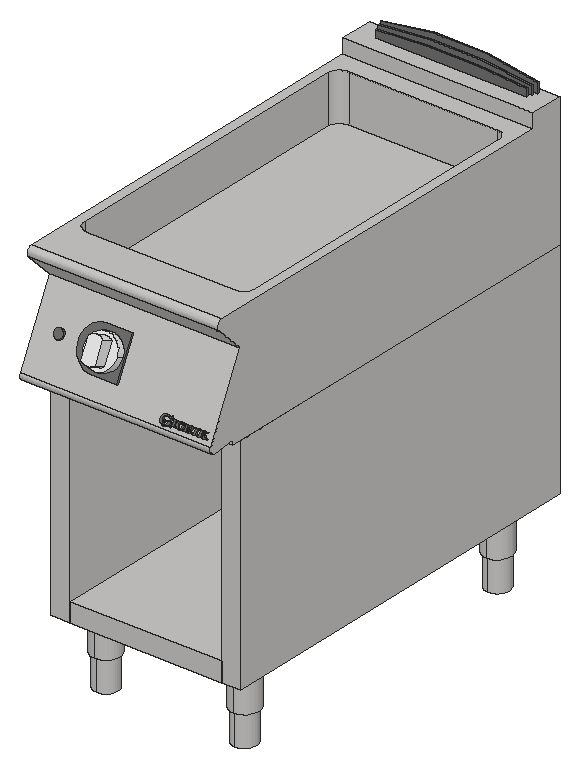
Revit family "QF_GIORIK_SP920G", category Specialty Equipment, Revit 2014
Parameters (values of type "SP920G")
  Weight in Pounds = 121.2541
  Watts = 1380 W
  Volts = 400 V
  URL Cutsheet = "www.giorik.com"
  URL = "www.giorik.com"
  Status [instance] = ""
  Specification by User [instance] = ""
  Specification by Manufacturer = ""
  Show Logo [instance] = yes
  Show Clearance [instance] = yes
  Serial Number = ""
  Seismic Rating = ""
  SMACNA No = ""
  Revision Code [instance] = ""
  Phase = 3
  Number of Poles [instance] = 3
  NAFEM Spec ID Number = ""
  Model = "SP920G"
  Min Ckt Ampacity = 0 A
  Max Overcurrent Protection = 0 A
  Masterspec = ""
  Manufacturer = "GIORIK"
  Item Number [instance] = ""
  Installed By [instance] = ""
  Identify Quantity as Lot [instance] = no
  HP = "1.850607600000"
  Furnished By [instance] = ""
  Foodservice Equipment Identifier [instance] = yes
  FL Amps = 0 A
  Electrical Remarks [instance] = ""
  Electric Connection Type [instance] = ""
  Elec Conn RI Height [instance] = 0 mm
  Elec Conn Connection Height [instance] = 150 mm
  Description = "CHIPS SCUTTLES"
  Cycle = 50 Hz
  Conn Plug = ""
  CSI MasterFormat = ""
  Assembly Code = "E1090320"
  Apparent Power = 1380 VA
Reference planes
  plane 1 "Back": y = 0
  plane 2: z = 0
  plane 3 "Left": x = 0
  plane 4 "Right": x = 400
  plane 5 "Front": y = -920
  plane 6 "Top": z = 900
Forms (mm)
  Extrusion 1, solid, visible <- "Show Logo"
    sketch origin (196.604, -936.761, 609.486) x (-1, 0, 0) y (0, 0.452718, 0.891654)
      loop
        line (-118.824, 58.358) -> (-127.804, 58.358) -> (-125.523, 56.445) -> (-125.523, 48.027) -> (-127.804, 46.113) -> (-118.824, 46.113) -> (-121.105, 48.027) -> (-121.105, 56.445) -> (-118.824, 58.358)
      loop
        line (-163.721, 58.358) -> (-172.7, 58.358) -> (-170.42, 56.445) -> (-170.42, 48.027) -> (-172.7, 46.113) -> (-163.721, 46.113) -> (-166.001, 48.027) -> (-166.001, 56.445) -> (-163.721, 58.358)
      loop
        line (-174.332, 58.358) -> (-183.312, 58.358) -> (-181.031, 56.445) -> (-181.031, 52.435) -> (-186.419, 56.955) -> (-184.416, 58.358) -> (-191.268, 58.358) -> (-188.01, 56.839) -> (-185.455, 54.283) -> (-190.846, 47.858) -> (-193.396, 46.93) -> (-193.396, 46.113) -> (-184.416, 46.113) -> (-185.437, 47.571) -> (-182.443, 51.552) -> (-181.031, 50.894) -> (-181.031, 48.027) -> (-183.312, 46.113) -> (-174.332, 46.113) -> (-176.613, 48.027) -> (-176.613, 56.445) -> (-174.332, 58.358)
      loop
        line (-115.429, 62.063) -> (-115.429, 54.198)
        arc (-115.429, 54.198) -> (-111.618, 57.803) -> (-106.847, 59.986) r 16.039
        arc (-106.847, 59.986) -> (-103.314, 59.837) -> (-100.512, 57.68) r 5.851
        arc (-100.512, 57.68) -> (-98.815, 52.267) -> (-100.512, 46.853) r 9.479
        arc (-100.512, 46.853) -> (-102.406, 44.986) -> (-104.846, 43.93) r 7.236
        arc (-104.846, 43.93) -> (-107.728, 44.111) -> (-110.052, 45.825) r 5.11
        line (-110.052, 45.825) -> (-110.052, 52.001) -> (-116.141, 52.001) -> (-116.141, 45.503) -> (-117.893, 43.751) -> (-114.094, 44.769)
        arc (-114.094, 44.769) -> (-112.56, 44.947) -> (-111.129, 44.366) r 3.115
        arc (-111.129, 44.366) -> (-104.216, 42.091) -> (-97.303, 44.366) r 11.641
        arc (-97.303, 44.366) -> (-93.396, 52.107) -> (-97.303, 59.849) r 9.622
        arc (-97.303, 59.849) -> (-104.369, 62.174) -> (-111.435, 59.849) r 11.898
        line (-111.435, 59.849) -> (-115.429, 62.063)
      loop
        arc (-129.234, 56.068) -> (-135.893, 58.628) -> (-142.552, 56.068) r 9.941
        arc (-142.552, 56.068) -> (-144.234, 52.286) -> (-142.552, 48.505) r 5.093
        arc (-142.552, 48.505) -> (-135.893, 45.945) -> (-129.234, 48.505) r 9.941
        arc (-129.234, 48.505) -> (-127.552, 52.286) -> (-129.234, 56.068) r 5.093
      loop
        arc (-132.628, 54.403) -> (-135.893, 57.668) -> (-139.158, 54.403) r 3.265
        line (-139.158, 54.403) -> (-139.158, 50.169)
        arc (-139.158, 50.169) -> (-135.893, 46.904) -> (-132.628, 50.169) r 3.265
        line (-132.628, 50.169) -> (-132.628, 54.403)
      loop
        arc (-156.363, 58.365) -> (-159.647, 55.081) -> (-156.363, 51.796) r 3.285
        line (-156.363, 51.796) -> (-159.529, 47.306) -> (-162.087, 46.113) -> (-155.847, 46.113) -> (-153.529, 51.083) -> (-150.637, 51.083) -> (-150.637, 47.784) -> (-153.022, 46.113) -> (-144.011, 46.113) -> (-146.094, 47.68) -> (-146.094, 56.493) -> (-144.229, 58.365) -> (-156.363, 58.365)
      loop
        line (-150.637, 57.512) -> (-153.637, 57.512)
        arc (-153.637, 57.512) -> (-156.237, 54.912) -> (-153.637, 52.312) r 2.6
        line (-153.637, 52.312) -> (-150.637, 52.312) -> (-150.637, 57.512)
      loop
        line (-108.924, 52.001) -> (-104.936, 49.005) -> (-100.948, 52.001) -> (-108.924, 52.001)
    from 1.5 to -0.5
  Extrusion 2, solid
    sketch origin (-16, 1025.81, 0) x (1, 0, 0) y (0, 1, 0)
      loop
        line (25, -1086.81) -> (25, -1156.81) -> (115, -1156.81) -> (115, -1086.81) -> (25, -1086.81)
    from 148 to 150
  Extrusion 3, solid
    sketch origin (-4, 0, 130) x (1, 0, 0) y (0, 1, 0)
      loop
        circle (54, -385) r 12.5
    from 0 to 20
  Extrusion 4, solid
    sketch origin (0, 800, -20) x (0, 1, 0) y (0, 0, 1)
      loop
        line (-800, 919.988) -> (-870, 919.988) -> (-870, 889.988) -> (-1688.806, 889.988)
        arc (-1688.806, 889.988) -> (-1699.151, 883.075) -> (-1696.724, 870.873) r 11.197
        line (-1696.724, 870.873) -> (-1640.876, 815.025) -> (-1718.948, 661.258)
        arc (-1718.948, 661.258) -> (-1718.233, 650.105) -> (-1708.118, 645.354) r 10.981
        line (-1708.118, 645.354) -> (-1660, 649.925) -> (-1660, 640) -> (-800, 640) -> (-800, 919.988)
    from 0 to 400
  Extrusion 5, solid
    sketch origin (0, -200, 599.536) x (1, 0, 0) y (0, 1, 0)
      loop
        line (0, -640) -> (40, -640) -> (40, 100) -> (360, 100) -> (360, -640) -> (400, -640) -> (400, 200) -> (0, 200) -> (0, -640)
    from -449.536 to 20.464
  Extrusion 6, solid
    sketch origin (0, -200, 0) x (1, 0, 0) y (0, 1, 0)
      loop
        line (40, 100) -> (40, -640) -> (360, -640) -> (360, 100) -> (40, 100)
    from 150 to 190
  Extrusion 7, solid
    sketch origin (-16, 360.81, 0) x (1, 0, 0) y (0, 1, 0)
      loop
        line (25, -1086.81) -> (25, -1156.81) -> (115, -1156.81) -> (115, -1086.81) -> (25, -1086.81)
    from 148 to 150
  Revolve 8, solid
    sketch origin (54, 360.81, 0) x (0, 1, 0) y (0, 0, 1)
      loop
        line (-1092.56, 66) -> (-1092.56, 148) -> (-1121.81, 148) -> (-1121.81, 0) -> (-1096.81, 0) -> (-1096.81, 66) -> (-1092.56, 66)
      axis (-1121.81, 0) -> (-1121.81, 148)
    angle from 0 to 360
  Revolve 9, solid
    sketch origin (54, 1025.81, 0) x (0, 1, 0) y (0, 0, 1)
      loop
        line (-1092.56, 66) -> (-1092.56, 148) -> (-1121.81, 148) -> (-1121.81, 0) -> (-1096.81, 0) -> (-1096.81, 66) -> (-1092.56, 66)
      axis (-1121.81, 0) -> (-1121.81, 148)
    angle from 0 to 360
  Extrusion 10, solid
    sketch origin (416, 360.81, 0) x (-1, 0, 0) y (0, -1, 0)
      loop
        line (25, 1086.81) -> (115, 1086.81) -> (115, 1156.81) -> (25, 1156.81) -> (25, 1086.81)
    from 148 to 150
  Revolve 11, solid
    sketch origin (346, 360.81, 0) x (0, 1, 0) y (0, 0, -1)
      loop
        line (-1092.56, -66) -> (-1096.81, -66) -> (-1096.81, 0) -> (-1121.81, 0) -> (-1121.81, -148) -> (-1092.56, -148) -> (-1092.56, -66)
      axis (-1121.81, 0) -> (-1121.81, -148)
    angle from 0 to 360
  Extrusion 12, solid
    sketch origin (416, -1217.81, 0) x (-1, 0, 0) y (0, -1, 0)
      loop
        line (25, -1086.81) -> (25, -1156.81) -> (115, -1156.81) -> (115, -1086.81) -> (25, -1086.81)
    from 148 to 150
  Revolve 13, solid
    sketch origin (346, -1217.81, 0) x (0, -1, 0) y (0, 0, 1)
      loop
        line (-1092.56, 66) -> (-1092.56, 148) -> (-1121.81, 148) -> (-1121.81, 0) -> (-1096.81, 0) -> (-1096.81, 66) -> (-1092.56, 66)
      axis (-1121.81, 0) -> (-1121.81, 148)
    angle from 0 to 360
  Extrusion 14, solid
    sketch origin (-273.221, -1163.345, 52.363) x (1, 0, 0) y (0, 0.452718, 0.891654)
      loop
        line (463.221, 676.25) -> (463.221, 766.25) -> (409.698, 766.25)
        arc (409.698, 766.25) -> (364.698, 721.25) -> (409.698, 676.25) r 45
        line (409.698, 676.25) -> (463.221, 676.25)
    from 48 to 50
  Extrusion 15, solid
    sketch origin (501.331, -1208.697, 74.959) x (-1, 0, 0) y (0, -0.45351, -0.891251)
      loop
        circle (351.331, -721.346) r 35
    from 0 to 15
  Extrusion 16, solid
    sketch origin (501.331, -1208.697, 74.959) x (-1, 0, 0) y (0, -0.45351, -0.891251)
      loop
        arc (336.331, -743.846) -> (351.331, -748.846) -> (366.331, -743.846) r 25
        line (366.331, -743.846) -> (366.331, -698.846)
        arc (366.331, -698.846) -> (351.331, -693.846) -> (336.331, -698.846) r 25
        line (336.331, -698.846) -> (336.331, -743.846)
    from 15 to 40
  Extrusion 17, solid
    sketch origin (-94, 0, -10.001) x (1, 0, 0) y (0, 0, 1)
      loop
        line (135, 909.989) -> (453, 909.989) -> (453, 925.527) -> (347.056, 931.749) -> (240.944, 931.749) -> (135, 925.527) -> (135, 909.989)
    from 32 to 35
  Extrusion 18, solid
    sketch origin (-92, 10, -10.001) x (1, 0, 0) y (0, 0, 1)
      loop
        line (454, 909.989) -> (454, 928.527) -> (346.162, 939.193) -> (237.838, 939.193) -> (130, 928.527) -> (130, 909.989) -> (454, 909.989)
    from 32 to 35
  Extrusion 19, solid
    sketch origin (-90, 20, -10.001) x (1, 0, 0) y (0, 0, 1)
      loop
        line (455, 909.989) -> (455, 930.527) -> (345.396, 947.413) -> (234.604, 947.413) -> (125, 930.527) -> (125, 909.989) -> (455, 909.989)
    from 32 to 35
  Extrusion 20, void
    sketch origin (0, -200, 819.988) x (0, 1, 0) y (-1, 0, 0)
      loop
        arc (90, -45) -> (82.678, -27.322) -> (65, -20) r 25
        line (65, -20) -> (-575, -20)
        arc (-575, -20) -> (-592.678, -27.322) -> (-600, -45) r 25
        line (-600, -45) -> (-600, -355.035)
        arc (-600, -355.035) -> (-592.678, -372.713) -> (-575, -380.035) r 25
        line (-575, -380.035) -> (65, -380.035)
        arc (65, -380.035) -> (82.678, -372.713) -> (90, -355.035) r 25
        line (90, -355.035) -> (90, -45)
    from -50 to 50
  Extrusion 21, solid
    sketch origin (0, -1205.604, 76.671) x (1, 0, 0) y (0, 0.452718, 0.891654)
      loop
        circle (51.74, 717.652) r 10
    from 0 to 2
Cuts and joins
  Extrusion 20 cuts Extrusion 4
Lines and regions (mm)
  symbolic lines, style "200-EquipBorder-2D"
    curve 1: line (0, -920, 0) -> (400, -920, 0)
    curve 2: line (400, -920, 0) -> (400, 0, 0)
    curve 3: line (400, 0, 0) -> (0, 0, 0)
    curve 4: line (0, 0, 0) -> (0, -920, 0)
    curve 26: line (135, -927.413, 900) -> (135, -920, 900)
    curve 27: line (165, -927.413, 900) -> (165, -920, 900)
    curve 28: arc (135, -927.413, 900) -> (150, -929.757, 900) -> (165, -927.413, 900) r 49.173
  symbolic lines, style "200-EquipInternal-2D"
    curve 5: line (0, -70, 900) -> (400, -70, 900)
    curve 6: line (35, -12, 900) -> (365, -12, 900)
    curve 7: line (365, -12, 900) -> (365, -15, 900)
    curve 8: line (365, -15, 900) -> (35, -15, 900)
    curve 9: line (35, -15, 900) -> (35, -12, 900)
    curve 10: line (38, -22, 900) -> (362, -22, 900)
    curve 11: line (362, -22, 900) -> (362, -25, 900)
    curve 12: line (362, -25, 900) -> (38, -25, 900)
    curve 13: line (38, -25, 900) -> (38, -22, 900)
    curve 14: line (41, -32, 900) -> (359, -32, 900)
    curve 15: line (359, -32, 900) -> (359, -35, 900)
    curve 16: line (359, -35, 900) -> (41, -35, 900)
    curve 17: line (41, -35, 900) -> (41, -32, 900)
    curve 18: line (355, -110, 900) -> (45, -110, 900)
    curve 19: arc (45, -110, 900) -> (27.322, -117.322, 900) -> (20, -135, 900) r 25
    curve 20: line (20, -135, 900) -> (20, -775, 900)
    curve 21: arc (380, -135, 900) -> (372.678, -117.322, 900) -> (355, -110, 900) r 25
    curve 22: line (380, -775, 900) -> (380, -135, 900)
    curve 23: arc (355, -800, 900) -> (372.678, -792.678, 900) -> (380, -775, 900) r 25
    curve 24: line (45, -800, 900) -> (355, -800, 900)
    curve 25: arc (20, -775, 900) -> (27.322, -792.678, 900) -> (45, -800, 900) r 25
Dimensions and locks
  plane 3 "Left" to plane 4 "Right" = 400 mm
  plane 5 "Front" to plane 1 "Back" = 920 mm
  plane 4 "Right" to plane 3 "Left" = 400 mm
  plane 1 "Back" to plane 5 "Front" = 920 mm
  plane 6 "Top" to level = 900 mm  (x2)
  aligned and locked: level to plane 2
Connectors
  electrical at (50, -385, 130), driven by "Apparent Power", driven by "Volts", driven by "Number of Poles"
    settings: on Extrusion 3, index 1, voltage 400 V, apparent load 0 VA, apparent load phase1 1380 VA, apparent load phase2 0 VA, apparent load phase3 0 VA, power factor 1, load classification "Other", number of poles 3, system type 31, power factor state 1, is connector primary yes, connector utility no, sub classification motor no, connector description "Electrical connection"
